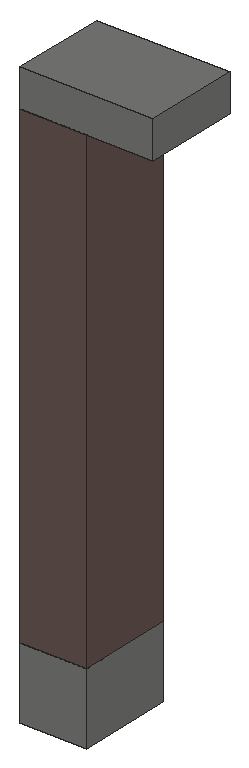
Revit family "MACK LED BOLLARD MBD-WB", category Lighting Fixtures, host Face, Revit 2020
Family settings
  Host = Face
  Round Connector Dimension = Use Diameter
  Part Type = Normal
  Cut with Voids When Loaded = No
  Light Source = Yes
  Shared = No
  Room Calculation Point = No
Parameters (values of type "Mack Bollard")
  Wattage Comments = "10W"
  Wattage = 3.29873 W
  built-in parameter 1150110 = 1 (stored number, unit not read)
  Voltage Comments = "120-277V"
  Voltage = 277 V  # constant formula
  URL = "https://www.abovealllighting.com/product/LED-OUTDOOR-FIXTURES/LEDBOLLARDS/MACKLEDBollardMBD-WB.html"
  Type Comments = "MACK LED BOLLARD MBD-WB"  # constant formula
  built-in parameter 1114217 = 1 (stored number, unit not read)
  Tilt Angle = -90.00°
  built-in parameter 1150109 = 1 (stored number, unit not read)
  built-in parameter 1150134 = 3
  TOP PART FINISH = die cast aluminum
  built-in parameter 1150113 = 1 (stored number, unit not read)
  Rod Length = 7.09"
  Photometric Web File = "generic"
  built-in parameter 1150142 = (empty or 0)
  Manufacturer = "Above All Lighting"  # constant formula
  built-in parameter 1150105 = 38.993 (stored number, unit not read)
  Lumens = 490 lm
  built-in parameter 1150115 = 1 (stored number, unit not read)
  built-in parameter 1150137 = (empty or 0)
  built-in parameter 1150139 = (empty or 0)
  built-in parameter 1150112 = 1 (stored number, unit not read)
  built-in parameter 1150114 = 1 (stored number, unit not read)
  LOWER PART FINISH = die cast aluminum
  built-in parameter 1150132 = 2
  built-in parameter 1150102 = (empty or 0)
  built-in parameter 1150107 = 3200 (stored number, unit not read)
  built-in parameter 1150138 = (empty or 0)
  built-in parameter 1150106 = 0.38993 (stored number, unit not read)
  Fixture Width = 3.54"
  Fixture Length = 5.12"
  Fixture Height = 31.50"
  Finish/Color = WOOD
  built-in parameter 1150104 = 13.8 (stored number, unit not read)
  Dimming Lamp Color Temperature Shift = <None>
  Description = "The MACK led bollard emphasizes a strong, ultra rectilinear design. It's fully shielded light source \r\neffectively contains upward light spill for safety and comfort of passers by. This bollard's overtly \r\nclean lines, with superior UV powder coating, quality die cast aluminum body, tempered safety glass\r\n lens, molded silicone gasket and stainless steel screws. This bollard is an excellent choice for \r\nwalkways, entrances, promenades, plazas, courtyards, driveways, bridges, and landscaped areas. "  # constant formula
  Default Elevation = 48.00"
  Color Filter = 16777215
  CRI = "80"
  Base Width = 3.54"
  built-in parameter 1114218 = 1 (stored number, unit not read)
  Average life based on L70(HRS) = "100000"
  built-in parameter 1150133 = 10 (stored number, unit not read)
  Apparent Load = 0 VA
Reference planes (in)
  plane 1 "Center (Front/Back)": y = 0
  plane 2: z = 0
  plane 3 "Center (Left/Right)": x = 0
  plane 4: z = 31.5
  plane 5: x = -1.77
  plane 6: z = 29.53
  plane 7: x = 1.77
  plane 8: x = 5.32
  plane 9: y = 2.56
  plane 10: y = -2.56
  plane 11: x = 3.545
Forms (in)
  Extrusion 1, solid, material "die cast aluminum" <- "TOP PART FINISH"
    sketch origin (0, 0, 0) x (1, 0, 0) y (0, 1, 0)
      loop
        line (-1.77, 2.56) -> (-1.77, -2.56) -> (5.32, -2.56) -> (5.32, 2.56) -> (-1.77, 2.56)
    from 29.53 to 31.5
Dimensions and locks (in)
  "Fixture Height": plane 4 to plane 2
  locked: plane 4 to plane 6 at 1.97
  equal spacing: plane 7, plane 3 "Center (Left/Right)", plane 5
  "Fixture Width": plane 7 to plane 5
  "Rod Length": plane 8 to plane 5
  equal spacing: plane 9, plane 1 "Center (Front/Back)", plane 10
  "Fixture Length": plane 9 to plane 10
  equal spacing: plane 7, plane 11, plane 8, locked at 1.775 each
  aligned and locked: plane 2 to host face
  aligned and locked: level to host face
  aligned and locked: Extrusion 1 sketch curve to plane 9
  aligned and locked: Extrusion 1 sketch curve to plane 8
  aligned and locked: plane 5 to Extrusion 1 sketch curve
  aligned and locked: Extrusion 1 sketch curve to plane 10
  aligned and locked: plane 4 to Extrusion 1
  aligned and locked: Extrusion 1 to plane 6
  aligned and locked: nested 1 to plane 2
  aligned and locked: plane 3 "Center (Left/Right)" to nested 1
  aligned and locked: plane 6 to nested 1
  aligned and locked: imposter light to plane 11
  aligned and locked: plane 6 to imposter light
Automatic sketch dimensions
  host sketch curve to host sketch curve = 96.00"  (x2)
Nested families (in)
  nested 1: "BASE" at (0, 0, 0), BOTTOM LENGTH <- "Fixture Length", BOTTOM WIDTH <- "Fixture Width", Body Material <- "Finish/Color", LOWER PART FINISH <- "LOWER PART FINISH", type "BASE"
    with LOWER PART FINISH die cast aluminum, Body Material WOOD, BOTTOM WIDTH 3.54", BOTTOM LENGTH 5.12"
Connectors (in)
  electrical at (0, 0, 0), driven by "Voltage", driven by "Apparent Load"
    settings: on host face, index 1, voltage 277 V, apparent load 0 VA, apparent load phase1 0 VA, apparent load phase2 0 VA, apparent load phase3 0 VA, power factor 1, load classification "Lighting", number of poles 1, system type 30, power factor state 1, is connector primary yes, connector utility no, sub classification motor no, connector description ""
Definition of nested family "BASE"
  Parameters (values of type "BASE")
    LOWER PART FINISH [instance] = none
    Default Elevation = 0.00"
    Body Material [instance] = none
    BOTTOM WIDTH [instance] = 3.54"
    BOTTOM LENGTH [instance] = 5.12"
    BASE HEIGHT_2 = 29.52756"
    BASE HEIGHT_1 = 3.94"
  Reference planes (in)
    plane 1 "Center (Front/Back)": y = 0
    plane 2: z = 0
    plane 3 "Center (Left/Right)": x = 0
    plane 4: x = -1.77
    plane 5: y = 2.56
    plane 6: x = 1.77
    plane 7: y = -2.56
    plane 8: z = 3.94
    plane 9: y = 2.46
    plane 10: x = -1.675
    plane 11: y = -2.46
    plane 12: x = 1.675
    plane 13: x = -0.985
    plane 14: x = 0.985
    plane 15: y = 1.77
    plane 16: y = -1.77
    plane 17: z = 0.11089
    plane 18: z = 29.52756
  Forms (in)
    Extrusion 1, solid, material <- "LOWER PART FINISH"
      sketch origin (0, 0, 0) x (1, 0, 0) y (0, 1, 0)
        loop
          line (-1.77, 2.56) -> (-1.77, -2.56) -> (1.77, -2.56) -> (1.77, 2.56) -> (-1.77, 2.56)
      from 0.11089 to 3.94
    Extrusion 2, solid, material <- "LOWER PART FINISH"
      sketch origin (0, 0, 0) x (1, 0, 0) y (0, 1, 0)
        loop
          line (-1.425, 2.46) -> (-1.425, 2.21) -> (-1.675, 2.21) -> (-1.675, -2.21) -> (-1.425, -2.21) -> (-1.425, -2.46) -> (1.425, -2.46) -> (1.425, -2.21) -> (1.675, -2.21) -> (1.675, 2.21) -> (1.425, 2.21) -> (1.425, 2.46) -> (-1.425, 2.46)
        loop
          circle (0, 0) r 0.75
        loop
          circle (0.985, 1.77) r 0.15748
        loop
          circle (-0.985, 1.77) r 0.15748
        loop
          circle (0.985, -1.77) r 0.15748
        loop
          circle (-0.985, -1.77) r 0.15748
      from 0 to 0.11089
    Extrusion 3, solid, material <- "Body Material"
      sketch origin (0, 0, 0) x (1, 0, 0) y (0, 1, 0)
        loop
          line (-1.77, 2.56) -> (-1.77, -2.56) -> (1.77, -2.56) -> (1.77, 2.56) -> (-1.77, 2.56)
      from 3.94 to 29.52756
  Dimensions and locks (in)
    "BASE HEIGHT_1": plane 8 to plane 2
    equal spacing: plane 9, plane 1 "Center (Front/Back)", plane 11
    equal spacing: plane 5, plane 1 "Center (Front/Back)", plane 7
    equal spacing: plane 4, plane 3 "Center (Left/Right)", plane 6
    equal spacing: plane 10, plane 3 "Center (Left/Right)", plane 12
    "BASE HEIGHT_2": plane 18 to plane 2
    "BOTTOM WIDTH": plane 4 to plane 6
    "BOTTOM LENGTH": plane 5 to plane 7
    aligned and locked: plane 2 to level
    aligned and locked: plane 5 to Extrusion 1
    aligned and locked: plane 4 to Extrusion 1
    aligned and locked: plane 6 to Extrusion 1
    aligned and locked: plane 7 to Extrusion 1
    aligned and locked: plane 8 to Extrusion 1
    aligned and locked: Extrusion 2 sketch curve to plane 9
    aligned and locked: plane 10 to Extrusion 2 sketch curve
    aligned and locked: Extrusion 2 sketch curve to plane 11
    aligned and locked: plane 12 to Extrusion 2 sketch curve
    aligned and locked: plane 17 to Extrusion 2
    aligned and locked: Extrusion 1 to Extrusion 2
    aligned and locked: plane 18 to Extrusion 3
    aligned and locked: Extrusion 3 to Extrusion 1
  Automatic sketch dimensions
    Extrusion 1 sketch curve to plane 4 = 0.00"
    Extrusion 1 sketch curve to plane 6 = 0.00"
    plane 7 to Extrusion 1 sketch curve = 0.00"
    Extrusion 1 sketch curve to plane 5 = 0.00"
    Extrusion 2 sketch curve to plane 13 = 0.00"  (x2)
    plane 1 "Center (Front/Back)" to Extrusion 2 sketch curve = 0.00"
    Extrusion 2 sketch curve to plane 3 "Center (Left/Right)" = 0.00"
    Extrusion 2 sketch curve to plane 14 = 0.00"  (x2)
    plane 16 to Extrusion 2 sketch curve = 0.00"  (x2)
    Extrusion 2 sketch curve to plane 15 = 0.00"  (x2)
    plane 10 to Extrusion 2 sketch curve = 0.25"  (x2)
    plane 12 to Extrusion 2 sketch curve = 0.25"  (x2)
    Extrusion 2 sketch curve to Extrusion 2 sketch curve = 0.25"  (x2)
    Extrusion 2 sketch curve to plane 9 = 0.25"  (x2)
    Extrusion 3 sketch curve to plane 4 = 0.00"
    Extrusion 3 sketch curve to plane 6 = 0.00"
    plane 7 to Extrusion 3 sketch curve = 0.00"
    Extrusion 3 sketch curve to plane 5 = 0.00"
    radius of Extrusion 2 sketch curve = 0.75"
    radius of Extrusion 2 sketch curve = 0.15748"  (x4)
